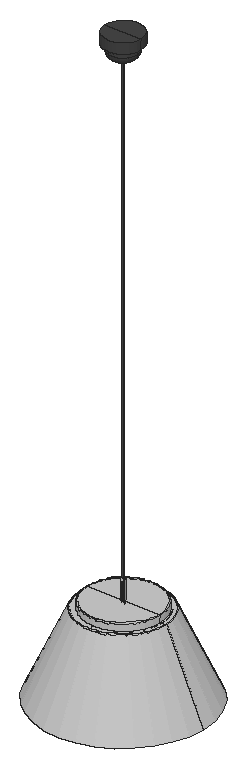
Revit family "Sycamore 12,16,20,24 MB", category Lighting Fixtures, Revit 2020
Family settings
  Round Connector Dimension = Use Diameter
  Part Type = Normal
  OmniClass Number = 23.80.70.00
  OmniClass Title = Lighting
  Work Plane-Based = No
  Always vertical = Yes
  Cut with Voids When Loaded = No
  Light Source = Yes
  Shared = No
  Room Calculation Point = No
Parameters (values of type "MDS24")
  Weight = "5.0 lbs"
  Wattage Comments = "60W Max"
  Wattage = 2.4 W
  Warranty = "5 year limited warranty"  # constant formula
  built-in parameter 1150110 = 1 (stored number, unit not read)
  Voltage = 277 V
  URL = "https://www.anplighting.com/assets/Uploads/product-attachments/specification-sheets/ANP-Specification-Sheet-MB-MDS24.pdf"
  built-in parameter 1114217 = 1 (stored number, unit not read)
  Tilt Angle = 90.00°
  built-in parameter 1150109 = 1 (stored number, unit not read)
  built-in parameter 1150134 = (empty or 0)
  built-in parameter 1150113 = 1 (stored number, unit not read)
  Mounting Option [instance] = 1
  Power Factor = 1
  Post Mount [instance] = Mounting Option = 5  # no
  Placement X axis side [instance] = if(Post Mount, 2' 2 15/32", if(Cord or Stem Mount, 0' 0", if(E36 20 inch, 1' 8 1/4", if(E 6 26 inch, 2' 2", if(E7 41 inch, 3' 5 1/4", 0' 1")))))  # 0' - 0"
  Photometric Web File = "MDS20M016LD35K.IES"
  Model = "MDS24"
  Manufacturer = "ANP Lighting"  # constant formula
  MDS24 = yes
  MDS20 = no
  MDS16 = no
  MDS12 = no
  built-in parameter 1150105 = 3000 (stored number, unit not read)
  Lumens = 3000 lm
  built-in parameter 1150115 = 1 (stored number, unit not read)
  Load Classification = Lighting
  Light Source Height [instance] = 1' - 2"
  built-in parameter 1150137 = (empty or 0)
  built-in parameter 1150139 = (empty or 0)
  Light Elevation _2 [instance] = if(Post Mount, 0' 0.66142", if(E7 41 inch, 0' 0.66142", if(E36 20 inch, 0' 1.65748", if(E 6 26 inch, 0' 1.53543", if(Cord or Stem Mount, (0' 4.3622" + Cord Length), 0' 0")))))  # 6' - 4.3622"
  Light Elevation _1 [instance] = if(Post Mount, 0' 0", if(E7 41 inch, 0' 0", if(E36 20 inch, 0' 1", if(E 6 26 inch, 0' 0.87402", if(Cord or Stem Mount, (0' 3.66142" + Cord Length), 0' 0")))))  # 6' - 3.66142"
  Light Elevation [instance] = if(Post Mount, 14' 0.5315", if(E7 41 inch, 0' 0", 0' 0"))  # 0' - 0"
  Life = "L70 50,000 hours"  # constant formula
  built-in parameter 1150112 = 1 (stored number, unit not read)
  built-in parameter 1150114 = 1 (stored number, unit not read)
  Lamp = "MB"
  built-in parameter 1150132 = 2
  built-in parameter 1150102 = (empty or 0)
  built-in parameter 1150107 = 3500 (stored number, unit not read)
  built-in parameter 1150138 = (empty or 0)
  built-in parameter 1150106 = 30 (stored number, unit not read)
  GLASS = Glass
  Fixture Height = 1' - 3"
  Fixture Finish = Fixture Finish
  Fixture Diameter = 1' - 8"
  Efficiency = "65-125 lumens per watt"  # constant formula
  built-in parameter 1150104 = 116.13 (stored number, unit not read)
  E7 41 inch [instance] = Mounting Option = 4  # no
  E36 20 inch [instance] = Mounting Option = 3  # no
  E 6 26 inch [instance] = Mounting Option = 2  # no
  Dimming Lamp Color Temperature Shift = <None>
  Dimming = "1%"  # constant formula
  Description = "120-277 Voltage"  # constant formula
  Default Elevation = 0' - 0"
  Cord or Stem Mount [instance] = Mounting Option = 1  # yes
  Cord Length option [instance] = 0
  Cord Length [instance] = if([2' Cord], 2' 0", if([4' Cord], 4' 0", if([8' Cord], 8' 0", if([10' Cord], 10' 0", if([6' Cord], 6' 0", 6' 0")))))  # 6' - 0"
  Construction Material = "Heavy Duty spun aluminum."  # constant formula
  Color Filter = 16777215
  CRI = ">90"  # constant formula
  Body Material = body
  Body Colour = "Spun aluminium"  # constant formula
  built-in parameter 1114218 = 1 (stored number, unit not read)
  built-in parameter 1150133 = 10 (stored number, unit not read)
  Apparent Load = 60 VA
  8' Cord [instance] = Cord Length option = 8  # no
  6' Cord [instance] = Cord Length option = 6  # no
  4' Cord [instance] = Cord Length option = 4  # no
  2' Cord [instance] = Cord Length option = 2  # no
  10' Cord [instance] = Cord Length option = 10  # no
Types (5): name | Weight | Wattage | URL | Photometric Web File | Model | MDS24 | MDS20 | MDS16 | MDS12 | built-in parameter 1150105 | Lumens | Light Source Height | built-in parameter 1150106 | Fixture Height | Fixture Diameter
  (no name) | "5.0 lbs" | 2.4 W | "https://www.anplighting.com/assets/Uploads/product-attachments/specification-sheets/ANP-Specification-Sheet-MB-MDS24.pdf" | "MDS20M016LD35K.IES" | "MDS24" | yes | no | no | no | 3000 (stored number, unit not read) | 3000 lm | 1' - 2" | 30 (stored number, unit not read) | 1' - 3" | 1' - 8"
  MDS12 | "3.5 lbs" | 1 W | "https://www.anplighting.com/assets/Uploads/product-attachments/specification-sheets/ANP-Specification-Sheet-MB-MDS12.pdf" | "MDS12M010LD35K.IES" | "MDS12" | no | no | no | yes | 1250 (stored number, unit not read) | 1250 lm | 0' - 6 3/4" | 12.5 (stored number, unit not read) | 0' - 7 1/2" | 1' - 0"
  MDS16 | "4.0 lbs" | 1.6 W | "https://www.anplighting.com/assets/Uploads/product-attachments/specification-sheets/ANP-Specification-Sheet-MB-MDS16.pdf" | "MDS12M010LD35K.IES" | "MDS16" | no | no | yes | no | 2000 (stored number, unit not read) | 2000 lm | 0' - 8 1/4" | 20 (stored number, unit not read) | 0' - 10" | 1' - 4"
  MDS20 | "4.5 lbs" | 1.6 W | "https://www.anplighting.com/assets/Uploads/product-attachments/specification-sheets/ANP-Specification-Sheet-MB-MDS20.pdf" | "MDS20M016LD35K.IES" | "MDS20" | no | yes | no | no | 2000 (stored number, unit not read) | 2000 lm | 0' - 11 1/4" | 20 (stored number, unit not read) | 1' - 0 1/2" | 1' - 8"
  MDS24 | "5.0 lbs" | 2.4 W | "https://www.anplighting.com/assets/Uploads/product-attachments/specification-sheets/ANP-Specification-Sheet-MB-MDS24.pdf" | "MDS20M016LD35K.IES" | "MDS24" | yes | no | no | no | 3000 (stored number, unit not read) | 3000 lm | 1' - 2" | 30 (stored number, unit not read) | 1' - 3" | 1' - 8"
Reference planes (in)
  plane 1 "Light Source Axis (F/B)": y = 0
  plane 2: z = 0
  plane 3 "Light Source Axis (L/R)": x = 0
  plane 4 "Light Source Elevation": z = 0
  plane 5: z = 0
  plane 6: x = 0
  plane 7 "Bulb Position": z = -76.3622
  plane 8 "Canopy Position": z = -75.66142
  plane 9 "IES": z = -90.3622
Dimensions and locks (in)
  "Light Elevation": plane 5 to plane 2
  "Placement X axis side": plane 6 to plane 3 "Light Source Axis (L/R)"
  "Light Elevation _2": plane 5 to plane 7 "Bulb Position"
  "Light Elevation _1": plane 5 to plane 8 "Canopy Position"
  "Light Source Height": plane 7 "Bulb Position" to plane 9 "IES"
  locked: plane 4 "Light Source Elevation" to plane 2
  aligned and locked: level to plane 2
  aligned and locked: plane 1 "Light Source Axis (F/B)" to nested 5
  aligned and locked: nested 5 to plane 2
  aligned and locked: nested 1 to plane 3 "Light Source Axis (L/R)"
  aligned and locked: plane 3 "Light Source Axis (L/R)" to nested 2
  aligned and locked: plane 3 "Light Source Axis (L/R)" to nested 4
  aligned and locked: nested 3 to plane 5
  aligned and locked: plane 3 "Light Source Axis (L/R)" to nested 3
  aligned and locked: plane 3 "Light Source Axis (L/R)" to nested 5
  aligned and locked: plane 1 "Light Source Axis (F/B)" to nested 2
  aligned and locked: plane 1 "Light Source Axis (F/B)" to nested 1
  aligned and locked: plane 1 "Light Source Axis (F/B)" to nested 4
  aligned and locked: plane 1 "Light Source Axis (F/B)" to nested 3
  aligned and locked: plane 2 to nested 1
  aligned and locked: plane 2 to nested 2
  aligned and locked: nested 4 to plane 2
  aligned and locked: imposter light to plane 9 "IES"
  aligned and locked: imposter light to plane 6
  aligned and locked: nested 6 to plane 8 "Canopy Position"
  aligned and locked: nested 7 to plane 8 "Canopy Position"
  aligned and locked: nested 8 to plane 8 "Canopy Position"
  aligned and locked: nested 9 to plane 8 "Canopy Position"
  aligned and locked: nested 6 to plane 6
  aligned and locked: nested 7 to plane 6
  aligned and locked: nested 8 to plane 6
  aligned and locked: nested 9 to plane 6
Nested families (in)
  nested 1: "CORD OR STEM MOUNT" at (0, 0, -75.67), visible <- "Cord or Stem Mount", Cord or Stem Mount <- "Cord or Stem Mount", Body Material <- "Body Material", Light Elevation <- "Light Elevation", Cord Length <- "Cord Length", 10' Cord <- "10' Cord", 2' Cord <- "2' Cord", 4' Cord <- "4' Cord", 6' Cord <- "6' Cord", 8' Cord <- "8' Cord", type "CORD OR STEM MOUNT"
    with Light Elevation 0' - 0", Cord or Stem Mount yes, Cord Length 6' - 0", Body Material body, 8' Cord no, 6' Cord no, 4' Cord no, 2' Cord no, 10' Cord no
  nested 2: "E6 26 INCH" at (0, 0, 0), visible <- "E 6 26 inch", Chain Length <- "Cord Length", E 6 26 inch <- "E 6 26 inch", Placement X axis side <- "Placement X axis side", Body Material <- "Body Material", Light Elevation <- "Light Elevation", type "E6 26 INCH"
    with Placement X axis side 0' - 0", Light Elevation 0' - 0", E 6 26 inch no, Chain Length 6' - 0", Body Material body
  nested 3: "E7 41 INCH" at (0, 0, 0), Chain Length <- "Cord Length", visible <- "E7 41 inch", E7 41 inch <- "E7 41 inch", Placement X axis side <- "Placement X axis side", Body Material <- "Body Material", Light Elevation <- "Light Elevation", type "E7 41 INCH"
    with Placement X axis side 0' - 0", Light Elevation 0' - 0", E7 41 inch no, Chain Length 6' - 0", Body Material body
  nested 4: "E36 20 INCH" at (0, 0, 0), visible <- "E36 20 inch", E36 20 inch <- "E36 20 inch", Placement X axis side <- "Placement X axis side", Chain Length <- "Cord Length", Body Material <- "Body Material", Light Elevation <- "Light Elevation", type "E36 20 INCH"
    with Placement X axis side 0' - 0", Light Elevation 0' - 0", E36 20 inch no, Chain Length 6' - 0", Body Material body
  nested 5: "POST MOUNT" at (0, 0, 0), visible <- "Post Mount", Post Mount <- "Post Mount", Placement X axis side <- "Placement X axis side", Chain Length <- "Cord Length", Body Material <- "Body Material", Light Elevation <- "Light Elevation", type "POST MOUNT"
    with Post Mount no, Placement X axis side 0' - 0", Light Elevation 0' - 0", Chain Length 6' - 0", Body Material body
  nested 6: "MDS12" at (0, 0, -75.66142), Light Elevation <- "Light Elevation", Body <- "Fixture Finish", MDS12 <- "MDS12", visible <- "MDS12", GLASS <- "GLASS", type "MDS12"
    with MDS12 no, Light Elevation 0' - 0", GLASS Glass, Body Fixture Finish
  nested 7: "MDS16" at (0, 0, -75.66142), Light Elevation <- "Light Elevation", Body <- "Fixture Finish", MDS16 <- "MDS16", visible <- "MDS16", GLASS <- "GLASS", type "MDS16"
    with MDS16 no, Light Elevation 0' - 0", GLASS Glass, Body Fixture Finish
  nested 8: "MDS20" at (0, 0, -75.66142), Light Elevation <- "Light Elevation", Body <- "Fixture Finish", MDS20 <- "MDS20", visible <- "MDS20", GLASS <- "GLASS", type "MDS20"
    with MDS20 no, Light Elevation 0' - 0", GLASS Glass, Body Fixture Finish
  nested 9: "MDS24" at (0, 0, -75.66142), Light Elevation <- "Light Elevation", Body <- "Fixture Finish", GLASS <- "GLASS", visible <- "MDS24", MDS24 <- "MDS24", type "MDS24"
    with MDS24 yes, Light Elevation 0' - 0", GLASS Glass, Body Fixture Finish
Definition of nested family "CORD OR STEM MOUNT"
  Parameters (values of type "CORD OR STEM MOUNT")
    URL = ""
    Model = ""
    Manufacturer = ""
    Light Elevation [instance] = 1' - 7.69"
    Default Elevation = 0' - 0"
    Cord or Stem Mount [instance] = yes
    Cord Length [instance] = 6' - 0"
    Body Material [instance] = none
    8' Cord [instance] = no
    6' Cord [instance] = no
    4' Cord [instance] = no
    2' Cord [instance] = no
    10' Cord [instance] = no
  Reference planes (in)
    plane 1 "Light Source Axis (F/B)": y = 0
    plane 2: z = 0
    plane 3 "Light Source Axis (L/R)": x = 0
    plane 4 "Light Source Elevation": z = 23.125
    plane 5: z = 91.69
    plane 6: z = 19.69
  Forms (in)
    Extrusion 1, void, not visible
      sketch origin (0, 0, 2.38154) x (1, 0, 0) y (0, 0, 1)
        loop
          circle (0, 4.59925) r 0.16583
      from 1.18594 to 1.75
    Extrusion 2, void, not visible
      sketch origin (0, 0, 2.38154) x (0.707107, -0.707107, 0) y (0, 0, 1)
        loop
          circle (0, 4.59925) r 0.16583
      from 1.18594 to 1.75
    Extrusion 3, void, not visible
      sketch origin (0, 0, 2.38154) x (0.707107, 0.707107, 0) y (0, 0, 1)
        loop
          circle (0, 4.59925) r 0.16583
      from 1.18594 to 1.75
    Extrusion 4, void, not visible
      sketch origin (0, 0, 2.38154) x (0, 1, 0) y (0, 0, 1)
        loop
          circle (0, 4.59925) r 0.16583
      from 1.18594 to 1.75
    Extrusion 5, void, not visible
      sketch origin (0, 0, 2.38154) x (-0.707107, 0.707107, 0) y (0, 0, 1)
        loop
          circle (0, 4.59925) r 0.16583
      from 1.18594 to 1.75
    Extrusion 6, void, not visible
      sketch origin (0, 0, 2.38154) x (-1, 0, 0) y (0, 0, 1)
        loop
          circle (0, 4.59925) r 0.20678
      from 1.18594 to 1.75
    Extrusion 7, void, not visible
      sketch origin (0, 0, 2.38154) x (-0.707107, -0.707107, 0) y (0, 0, 1)
        loop
          circle (0, 4.59925) r 0.16583
      from 1.18594 to 1.75
    Extrusion 8, void, not visible
      sketch origin (0, 0, 2.38154) x (0, -1, 0) y (0, 0, 1)
        loop
          circle (0, 4.59925) r 0.16583
      from 1.18594 to 1.75
    Revolve 9, solid, material <- "Body Material", visible <- "Cord or Stem Mount"
      sketch origin (0, 0, 174.56698) x (1, 0, 0) y (0, 0, 1)
        loop
          line (2.6875, -79.20698) -> (0, -79.20698) -> (0, -82.87698) -> (0.125, -82.87698) -> (0.125, -82.83698) -> (0.75, -82.83698)
          arc (0.75, -82.83698) -> (0.81694, -82.77004) -> (0.75, -82.7031) r 0.06694
          line (0.75, -82.7031) -> (0.89763, -82.7031) -> (1.00223, -82.5985) -> (1.06587, -82.5985)
          arc (1.06587, -82.5985) -> (1.80099, -82.29401) -> (2.10549, -81.55888) r 1.03962
          line (2.10549, -81.55888) -> (2.10549, -81.03899)
          arc (2.10549, -81.03899) -> (2.12951, -80.981) -> (2.1875, -80.95698) r 0.08201
          line (2.1875, -80.95698) -> (2.1875, -80.70698) -> (2.6875, -80.70698) -> (2.6875, -79.20698)
        axis (0, -79.20698) -> (0, -82.87698)
      angle from 0 to 360
    Revolve 10, solid, material <- "Body Material", visible <- "Cord or Stem Mount"
      sketch origin (0, 0, 0) x (1, 0, 0) y (0, 0, 1)
        loop
          line (0, 91.69) -> (-0.125, 91.69) -> (-0.125, 19.69) -> (0, 19.69) -> (0, 91.69)
        axis (0, 19.69) -> (0, 91.69)
      angle from 0 to 360
  Dimensions and locks (in)
    "Light Elevation": plane 6 to plane 2
    "Cord Length": plane 5 to plane 6
    locked: Revolve 10 sketch curve to Revolve 10 sketch curve at 0.125
    aligned and locked: level to plane 2
    aligned and locked: Revolve 10 sketch curve to plane 3 "Light Source Axis (L/R)"
    aligned and locked: Revolve 10 sketch curve to plane 6
    aligned and locked: Revolve 10 sketch curve to plane 5
    aligned and locked: plane 3 "Light Source Axis (L/R)" to Revolve 10 sketch curve
  Automatic sketch dimensions
    Revolve 9 sketch curve to plane 3 "Light Source Axis (L/R)" = 0' - 0"  (x2)
    Revolve 9 sketch curve to plane 5 = 0' - 0"
    plane 3 "Light Source Axis (L/R)" to Revolve 9 sketch curve = 0' - 0 1/8"
    Revolve 9 sketch curve to plane 5 = 0' - 0.17388"
    Revolve 9 sketch curve to Revolve 9 sketch curve = 0' - 0 5/8"
    Revolve 9 sketch curve to Revolve 9 sketch curve = 0' - 0.14763"
    Revolve 9 sketch curve to plane 5 = 0' - 0.27847"
    Revolve 9 sketch curve to Revolve 9 sketch curve = 0' - 0.1046"
    Revolve 9 sketch curve to Revolve 9 sketch curve = 0' - 0.06364"
    Revolve 9 sketch curve to Revolve 9 sketch curve = 0' - 1.03962"
    Revolve 9 sketch curve to Revolve 9 sketch curve = 0' - 0 21/256"
    Revolve 9 sketch curve to Revolve 9 sketch curve = 0' - 0 1/2"  (x2)
    Revolve 9 sketch curve to Revolve 9 sketch curve = 0' - 0.51989"
    Revolve 9 sketch curve to Revolve 9 sketch curve = 0' - 0 1/4"
    Revolve 9 sketch curve to Revolve 9 sketch curve = 0' - 2.3519"
    Revolve 9 sketch curve to Revolve 9 sketch curve = 0' - 1 1/4"
    Revolve 9 sketch curve to Revolve 9 sketch curve = 0' - 0.04"
    Revolve 10 sketch curve to Revolve 10 sketch curve = 0' - 0 1/2"
    Revolve 10 sketch curve to Revolve 10 sketch curve = 0' - 0.42345"
Definition of nested family "MDS24"
  Parameters (values of type "MDS24")
    MDS24 [instance] = yes
    Light Elevation [instance] = 0' - 0"
    GLASS [instance] = none
    Default Elevation = 0' - 0"
    Body [instance] = none
  Reference planes (in)
    plane 1 "Center (Front/Back)": y = 0
    plane 2: z = 0
    plane 3 "Center (Left/Right)": x = 0
    plane 4: z = 0
  Dimensions and locks (in)
    "Light Elevation": plane 4 to plane 2
    aligned and locked: plane 2 to level
    aligned and locked: plane 3 "Center (Left/Right)" to nested 1
    aligned and locked: plane 1 "Center (Front/Back)" to nested 1
    aligned and locked: nested 1 to plane 4
  Nested families (in)
    nested 1: "SYCAMORE-MDS24" at (0, 0, -15), Body <- "Body", GLASS <- "GLASS", MDS24 <- "MDS24", visible <- "MDS24", type "SYCAMORE-MDS24"
      with MDS24 yes, GLASS none, Body none
  Definition of nested family "SYCAMORE-MDS24"
    Parameters (values of type "SYCAMORE-MDS24")
      MDS24 [instance] = yes
      GLASS [instance] = none
      Default Elevation = 0' - 0"
      Body [instance] = none
    Reference planes (in)
      plane 1 "Center (Front/Back)": y = 0
      plane 2: z = 0
      plane 3 "Center (Left/Right)": x = 0
    Forms (in)
      Revolve 1, solid, material <- "GLASS", visible <- "MDS24"
        sketch origin (0, 0, 0) x (1, 0, 0) y (0, 0, 1)
          loop
            line (-8, 0) -> (-8, 0.08) -> (-8.375, 0.08)
            arc (-8.375, 0.08) -> (-8.40081, 0.08814) -> (-8.41729, 0.10961) r 0.045
            line (-8.41729, 0.10961) -> (-9.47926, 3.02736) -> (-9.55444, 3) -> (-8.49246, 0.08225)
            arc (-8.49246, 0.08225) -> (-8.4467, 0.02261) -> (-8.375, 0) r 0.125
            line (-8.375, 0) -> (-8, 0)
          axis (0, 0) -> (0, 3.02736)
        angle from 0 to 360
      Revolve 2, solid, material <- "Body", visible <- "MDS24"
        sketch origin (0, 0, 0) x (1, 0, 0) y (0, 0, 1)
          loop
            line (-12, 2) -> (-11.91173, 2) -> (-6.36546, 13.89402)
            arc (-6.36546, 13.89402) -> (-6.34885, 13.91295) -> (-6.32467, 13.92) r 0.045
            line (-6.32467, 13.92) -> (-5.75, 13.92) -> (-5.53, 13.92) -> (-5.53, 14) -> (-6.32467, 14)
            arc (-6.32467, 14) -> (-6.39184, 13.98042) -> (-6.43796, 13.92783) r 0.125
            line (-6.43796, 13.92783) -> (-12, 2)
          axis (0, 2) -> (0, 14)
        angle from 0 to 360
      Revolve 3, solid, material <- "Body", visible <- "MDS24"
        sketch origin (0, 0, 0) x (1, 0, 0) y (0, 0, 1)
          loop
            line (-0.25, 14.92) -> (-0.25, 15) -> (-5.39, 15)
            arc (-5.39, 15) -> (-5.46778, 14.96778) -> (-5.5, 14.89) r 0.11
            line (-5.5, 14.89) -> (-5.5, 13.92) -> (-5.75, 13.92) -> (-5.75, 13.84) -> (-5.5, 13.84)
            arc (-5.5, 13.84) -> (-5.44343, 13.86343) -> (-5.42, 13.92) r 0.08
            line (-5.42, 13.92) -> (-5.42, 14.89)
            arc (-5.42, 14.89) -> (-5.41121, 14.91121) -> (-5.39, 14.92) r 0.03
            line (-5.39, 14.92) -> (-0.25, 14.92)
          axis (0, 13.84) -> (0, 15)
        angle from 0 to 360
      Revolve 4, solid, material <- "Body", visible <- "MDS24"
        sketch origin (0, 0, 0) x (1, 0, 0) y (0, 0, 1)
          loop
            line (-0.25, 14.5) -> (-0.125, 14.5) -> (-0.125, 18) -> (-0.25, 18) -> (-0.25, 14.5)
          axis (0, 14.5) -> (0, 18)
        angle from 0 to 360
      Revolve 5, solid, material <- "GLASS", visible <- "MDS24"
        sketch origin (0, 0, 0) x (1, 0, 0) y (0, 0, 1)
          loop
            line (-8.25, 0.08) -> (0, 0.08) -> (0, 0.1425) -> (-8.25, 0.1425) -> (-8.25, 0.08)
          axis (0, 0.08) -> (0, 0.1425)
        angle from 0 to 360
    Dimensions and locks (in)
      aligned and locked: plane 2 to level
Definition of nested family "E6 26 INCH"
  Parameters (values of type "E6 26 INCH")
    URL = ""
    Placement X axis side [instance] = 2' - 2"
    Model = ""
    Manufacturer = ""
    Light Elevation [instance] = 8' - 4"
    E 6 26 inch [instance] = yes
    Default Elevation = 0' - 0"
    Chain Length [instance] = 0' - 0"
    Body Material [instance] = none
  Reference planes (in)
    plane 1 "Light Source Axis (F/B)": y = 0
    plane 2: z = 0
    plane 3 "Light Source Axis (L/R)": x = 0
    plane 4 "Light Source Elevation": z = 23.125
    plane 5: z = 100
    plane 6: x = -26
    plane 7: z = 99.125
    plane 8: x = -24.12
    plane 9: x = -25.5474
  Forms (in)
    Extrusion 1, void, not visible
      sketch origin (0, 0, 2.38154) x (1, 0, 0) y (0, 0, 1)
        loop
          circle (0, 4.59925) r 0.16583
      from 1.18594 to 1.75
    Extrusion 2, void, not visible
      sketch origin (0, 0, 2.38154) x (0.707107, -0.707107, 0) y (0, 0, 1)
        loop
          circle (0, 4.59925) r 0.16583
      from 1.18594 to 1.75
    Extrusion 3, void, not visible
      sketch origin (0, 0, 2.38154) x (0.707107, 0.707107, 0) y (0, 0, 1)
        loop
          circle (0, 4.59925) r 0.16583
      from 1.18594 to 1.75
    Extrusion 4, void, not visible
      sketch origin (0, 0, 2.38154) x (0, 1, 0) y (0, 0, 1)
        loop
          circle (0, 4.59925) r 0.16583
      from 1.18594 to 1.75
    Extrusion 5, void, not visible
      sketch origin (0, 0, 2.38154) x (-0.707107, 0.707107, 0) y (0, 0, 1)
        loop
          circle (0, 4.59925) r 0.16583
      from 1.18594 to 1.75
    Extrusion 6, void, not visible
      sketch origin (0, 0, 2.38154) x (-1, 0, 0) y (0, 0, 1)
        loop
          circle (0, 4.59925) r 0.20678
      from 1.18594 to 1.75
    Extrusion 7, void, not visible
      sketch origin (0, 0, 2.38154) x (-0.707107, -0.707107, 0) y (0, 0, 1)
        loop
          circle (0, 4.59925) r 0.16583
      from 1.18594 to 1.75
    Extrusion 8, void, not visible
      sketch origin (0, 0, 2.38154) x (0, -1, 0) y (0, 0, 1)
        loop
          circle (0, 4.59925) r 0.16583
      from 1.18594 to 1.75
    Sweep 9, solid, material <- "Body Material", visible <- "E 6 26 inch"
      path origin (-41.25, 0, 168.51693) x (1, 0, 0) y (0, 0, 1)
        loop
          line (17.13, -68.51693) -> (27.68551, -68.51693)
          arc (27.68551, -68.51693) -> (28.47996, -68.34486) -> (29.13202, -67.8595) r 1.92004
          line (29.13202, -67.8595) -> (34.23651, -62.01155)
          arc (34.23651, -62.01155) -> (38.65464, -60.89667) -> (41.25, -64.64193) r 4
          line (41.25, -64.64193) -> (41.25, -69.39193)
      profile origin (-18.84224, 0, 100) x (0, 0, 1) y (0, -1, 0)
        loop
          circle (0, 0) r 0.5
    Revolve 10, solid, material <- "Body Material", visible <- "E 6 26 inch"
      sketch origin (-26, 0, 168.51693) x (1, 0, 0) y (0, 0, 1)
        loop
          line (0, -66.07943) -> (0, -68.51693) -> (1.88, -68.51693) -> (1.88, -67.69272) -> (0.4526, -67.69272) -> (0.4526, -66.54122) -> (0.33125, -66.54122) -> (0.33125, -66.07943) -> (0, -66.07943)
        axis (0, -68.51693) -> (1.88, -68.51693)
      angle from 0 to 360
    Extrusion 11, solid, material <- "Body Material", visible <- "E 6 26 inch"
      sketch origin (-26, 0, 168.51693) x (0, -1, 0) y (0, 0, -1)
        loop
          line (0.25, 68.51693) -> (0.25, 69.51693) -> (-0.25, 69.51693) -> (-0.25, 68.51693) -> (0.25, 68.51693)
      from 0.4526 to 1.88
  Cuts and joins
    joined: Revolve 10, Extrusion 11
  Dimensions and locks (in)
    "Light Elevation": plane 5 to plane 2
    "Placement X axis side": plane 3 "Light Source Axis (L/R)" to plane 6
    locked: plane 5 to plane 7 at 0.875
    Revolve 10 sketch curve to Revolve 10 sketch curve to Revolve 10 sketch curve to plane 6 = 0' - 1.4274" locked, 0' - 0.12135" locked, 0' - 0.33125" locked
    Revolve 10 sketch curve to Revolve 10 sketch curve to Revolve 10 sketch curve to plane 5 = 0' - 0.46179" locked, 0' - 1.1515" locked, 0' - 0 211/256" locked
    locked: Sweep 9 sketch curve to plane 6 at 1.88
    locked: Sweep 9 sketch curve to Sweep 9 sketch curve at 10.55551
    locked: Sweep 9 sketch curve to Sweep 9 sketch curve at 13.56449
    locked: Sweep 9 sketch curve to Sweep 9 sketch curve at 4.75
    locked: plane 9 to plane 6 at 0.4526
    locked: plane 8 to plane 9 at 1.4274
    aligned and locked: level to plane 2
    aligned and locked: Revolve 10 sketch curve to plane 6
    aligned and locked: plane 5 to Revolve 10 sketch curve
    aligned and locked: Revolve 10 sketch curve to plane 5
    aligned and locked: cut or joined group of Revolve 10, Extrusion 11 to plane 9
    aligned and locked: plane 8 to cut or joined group of Revolve 10, Extrusion 11
  Automatic sketch dimensions
    Sweep 9 sketch curve to plane 5 = 0' - 0"
    Sweep 9 sketch curve to Sweep 9 sketch curve = 0' - 4"
    Sweep 9 sketch curve to Sweep 9 sketch curve = 0' - 3.01349"
    plane 5 to Sweep 9 sketch curve = 0' - 0.65743"
    Sweep 9 sketch curve to Sweep 9 sketch curve = 0' - 1.4465"
    Sweep 9 sketch curve to plane 5 = 0' - 0 7/8"
    profile plane to Sweep 9 sketch curve = 0' - 0"
    Sweep 9 sketch curve to profile plane = 0' - 0"
    plane 6 to Revolve 10 sketch curve = 0' - 0.62562"
    Revolve 10 sketch curve to Revolve 10 sketch curve = 0' - 0 1/2"
    Extrusion 11 sketch curve to plane 5 = 0' - 0"
    plane 1 "Light Source Axis (F/B)" to Extrusion 11 sketch curve = 0' - 0 1/4"
    Extrusion 11 sketch curve to plane 1 "Light Source Axis (F/B)" = 0' - 0 1/4"
    plane 5 to Extrusion 11 sketch curve = 0' - 1"
    radius of Sweep 9 sketch curve = 0' - 0 1/2"
Definition of nested family "E7 41 INCH"
  Parameters (values of type "E7 41 INCH")
    URL = ""
    Placement X axis side [instance] = 4' - 2"
    Model = ""
    Manufacturer = ""
    Light Elevation [instance] = 8' - 4"
    E7 41 inch [instance] = yes
    Default Elevation = 0' - 0"
    Chain Length [instance] = 0' - 0"
    Body Material [instance] = none
  Reference planes (in)
    plane 1 "Light Source Axis (F/B)": y = 0
    plane 2: z = 0
    plane 3 "Light Source Axis (L/R)": x = 0
    plane 4 "Light Source Elevation": z = 23.125
    plane 5: z = 100
    plane 6: x = -50
  Forms (in)
    Extrusion 1, void, not visible
      sketch origin (0, 0, 2.38154) x (1, 0, 0) y (0, 0, 1)
        loop
          circle (0, 4.59925) r 0.16583
      from 1.18594 to 1.75
    Extrusion 2, void, not visible
      sketch origin (0, 0, 2.38154) x (0.707107, -0.707107, 0) y (0, 0, 1)
        loop
          circle (0, 4.59925) r 0.16583
      from 1.18594 to 1.75
    Extrusion 3, void, not visible
      sketch origin (0, 0, 2.38154) x (0.707107, 0.707107, 0) y (0, 0, 1)
        loop
          circle (0, 4.59925) r 0.16583
      from 1.18594 to 1.75
    Extrusion 4, void, not visible
      sketch origin (0, 0, 2.38154) x (0, 1, 0) y (0, 0, 1)
        loop
          circle (0, 4.59925) r 0.16583
      from 1.18594 to 1.75
    Extrusion 5, void, not visible
      sketch origin (0, 0, 2.38154) x (-0.707107, 0.707107, 0) y (0, 0, 1)
        loop
          circle (0, 4.59925) r 0.16583
      from 1.18594 to 1.75
    Extrusion 6, void, not visible
      sketch origin (0, 0, 2.38154) x (-1, 0, 0) y (0, 0, 1)
        loop
          circle (0, 4.59925) r 0.20678
      from 1.18594 to 1.75
    Extrusion 7, void, not visible
      sketch origin (0, 0, 2.38154) x (-0.707107, -0.707107, 0) y (0, 0, 1)
        loop
          circle (0, 4.59925) r 0.16583
      from 1.18594 to 1.75
    Extrusion 8, void, not visible
      sketch origin (0, 0, 2.38154) x (0, -1, 0) y (0, 0, 1)
        loop
          circle (0, 4.59925) r 0.16583
      from 1.18594 to 1.75
    Revolve 9, solid, material <- "Body Material", visible <- "E7 41 inch"
      sketch origin (-41.25, 0, 168.39193) x (1, 0, 0) y (0, 0, 1)
        loop
          line (-8.75, -66.20443) -> (-8.75, -68.51693) -> (-6.87, -68.51693) -> (-6.87, -67.69272) -> (-8.2974, -67.69272) -> (-8.2974, -66.54122) -> (-8.41875, -66.54122) -> (-8.41875, -66.20443) -> (-8.75, -66.20443)
        axis (-8.75, -68.51693) -> (-6.87, -68.51693)
      angle from 0 to 360
    Extrusion 10, solid, material <- "Body Material", visible <- "E7 41 inch"
      sketch origin (-41.25, 0, 168.39193) x (0, -1, 0) y (0, 0, -1)
        loop
          line (0.25, 68.51693) -> (0.25, 69.51693) -> (-0.25, 69.51693) -> (-0.25, 68.51693) -> (0.25, 68.51693)
      from -8.2974 to -6.87
    Sweep 11, solid, material <- "Body Material", visible <- "E7 41 inch"
      path origin (-41.25, 0, 168.39193) x (1, 0, 0) y (0, 0, 1)
        loop
          line (-6.87, -68.51693) -> (16.04011, -68.51693)
          arc (16.04011, -68.51693) -> (17.864, -68.13651) -> (19.38375, -67.0587) r 4.5625
          line (19.38375, -67.0587) -> (24.70217, -61.33018)
          arc (24.70217, -61.33018) -> (29.64465, -60.20324) -> (32.5, -64.39193) r 4.5
          line (32.5, -64.39193) -> (32.5, -68.39193)
      profile origin (-36.66494, 0, 99.875) x (0, 0, 1) y (0, -1, 0)
        loop
          circle (0, 0) r 0.5
  Dimensions and locks (in)
    "Placement X axis side": plane 3 "Light Source Axis (L/R)" to plane 6
    "Light Elevation": plane 5 to plane 2
    locked: Revolve 9 sketch curve to Revolve 9 sketch curve at 0.33125
    locked: Revolve 9 sketch curve to Revolve 9 sketch curve at 0.4526
    locked: Revolve 9 sketch curve to Revolve 9 sketch curve at 1.88
    locked: Revolve 9 sketch curve to Revolve 9 sketch curve at 0.82421
    locked: Revolve 9 sketch curve to Revolve 9 sketch curve at 1.1515
    locked: Revolve 9 sketch curve to Revolve 9 sketch curve at 0.33679
    locked: plane 5 to Revolve 9 sketch curve at 0.125
    locked: Extrusion 10 sketch curve to Extrusion 10 sketch curve at 0.5
    locked: Extrusion 10 sketch curve to Extrusion 10 sketch curve at 1
    locked: plane 5 to Extrusion 10 sketch curve at 0.125
    locked: plane 5 to Sweep 11 sketch curve at 0.125
    locked: Sweep 11 sketch curve to Sweep 11 sketch curve at 39.37
    locked: Sweep 11 sketch curve to Sweep 11 sketch curve at 4
    locked: plane 6 to Extrusion 10 at 0.4526
    locked: Sweep 11 sketch curve to plane 6 at 1.88
    locked: Extrusion 10 to Extrusion 10 at 1.4274
    aligned and locked: plane 2 to level
    aligned and locked: Revolve 9 sketch curve to plane 6
  Automatic sketch dimensions
    Revolve 9 sketch curve to plane 5 = 0' - 0 1/8"
    plane 6 to Revolve 9 sketch curve = 0' - 0.62562"
    Revolve 9 sketch curve to Revolve 9 sketch curve = 0' - 0 1/2"
    plane 1 "Light Source Axis (F/B)" to Extrusion 10 sketch curve = 0' - 0 1/4"
    Sweep 11 sketch curve to plane 5 = 0' - 0"
    Sweep 11 sketch curve to Sweep 11 sketch curve = 0' - 4 1/2"
    Sweep 11 sketch curve to Sweep 11 sketch curve = 0' - 3.29783"
    plane 5 to Sweep 11 sketch curve = 0' - 1.33323"
    Sweep 11 sketch curve to Sweep 11 sketch curve = 0' - 5.31842"
    Sweep 11 sketch curve to Sweep 11 sketch curve = 0' - 3.34364"
    profile plane to Sweep 11 sketch curve = 0' - 0"
    Sweep 11 sketch curve to profile plane = 0' - 0"
    radius of Sweep 11 sketch curve = 0' - 0 1/2"
Definition of nested family "E36 20 INCH"
  Parameters (values of type "E36 20 INCH")
    URL = ""
    Placement X axis side [instance] = 1' - 8 1/4"
    Model = ""
    Manufacturer = ""
    Light Elevation [instance] = 8' - 4"
    E36 20 inch [instance] = yes
    Default Elevation = 0' - 0"
    Chain Length [instance] = 0' - 0"
    Body Material [instance] = none
  Reference planes (in)
    plane 1 "Light Source Axis (F/B)": y = 0
    plane 2: z = 0
    plane 3 "Light Source Axis (L/R)": x = 0
    plane 4 "Light Source Elevation": z = 23.125
    plane 5: z = 99
    plane 6: x = -20.25
    plane 7: z = 100
    plane 8: x = -18.37008
    plane 9: x = -19.79724
  Forms (in)
    Extrusion 1, void, not visible
      sketch origin (0, 0, 2.38154) x (1, 0, 0) y (0, 0, 1)
        loop
          circle (0, 4.59925) r 0.16583
      from 1.18594 to 1.75
    Extrusion 2, void, not visible
      sketch origin (0, 0, 2.38154) x (0.707107, -0.707107, 0) y (0, 0, 1)
        loop
          circle (0, 4.59925) r 0.16583
      from 1.18594 to 1.75
    Extrusion 3, void, not visible
      sketch origin (0, 0, 2.38154) x (0.707107, 0.707107, 0) y (0, 0, 1)
        loop
          circle (0, 4.59925) r 0.16583
      from 1.18594 to 1.75
    Extrusion 4, void, not visible
      sketch origin (0, 0, 2.38154) x (0, 1, 0) y (0, 0, 1)
        loop
          circle (0, 4.59925) r 0.16583
      from 1.18594 to 1.75
    Extrusion 5, void, not visible
      sketch origin (0, 0, 2.38154) x (-0.707107, 0.707107, 0) y (0, 0, 1)
        loop
          circle (0, 4.59925) r 0.16583
      from 1.18594 to 1.75
    Extrusion 6, void, not visible
      sketch origin (0, 0, 2.38154) x (-1, 0, 0) y (0, 0, 1)
        loop
          circle (0, 4.59925) r 0.20678
      from 1.18594 to 1.75
    Extrusion 7, void, not visible
      sketch origin (0, 0, 2.38154) x (-0.707107, -0.707107, 0) y (0, 0, 1)
        loop
          circle (0, 4.59925) r 0.16583
      from 1.18594 to 1.75
    Extrusion 8, void, not visible
      sketch origin (0, 0, 2.38154) x (0, -1, 0) y (0, 0, 1)
        loop
          circle (0, 4.59925) r 0.16583
      from 1.18594 to 1.75
    Sweep 9, solid, material <- "Body Material", visible <- "E36 20 inch"
      path origin (-41.25, 0, 169.51693) x (1, 0, 0) y (0, 0, 1)
        loop
          line (22.88, -69.51693) -> (28.93827, -69.51693)
          arc (28.93827, -69.51693) -> (29.97705, -69.28152) -> (30.81284, -68.62128) r 2.40953
          line (30.81284, -68.62128) -> (34.13807, -64.50378)
          arc (34.13807, -64.50378) -> (38.58272, -63.24548) -> (41.25, -67.01693) r 4
          line (41.25, -67.01693) -> (41.25, -70.51693)
      profile origin (-15.34086, 0, 100) x (0, 0, 1) y (0, -1, 0)
        loop
          circle (0, 0) r 0.5
    Revolve 10, solid, material <- "Body Material", visible <- "E36 20 inch"
      sketch origin (-20.25, 0, 169.51693) x (1, 0, 0) y (0, 0, 1)
        loop
          line (0, -67.20443) -> (0, -69.51693) -> (1.88, -69.51693) -> (1.88, -68.69272) -> (0.4526, -68.69272) -> (0.4526, -67.54122) -> (0.33125, -67.54122) -> (0.33125, -67.20443) -> (0, -67.20443)
        axis (0, -69.51693) -> (1.88, -69.51693)
      angle from 0 to 360
    Extrusion 11, solid, material <- "Body Material", visible <- "E36 20 inch"
      sketch origin (-20.25, 0, 169.51693) x (0, -1, 0) y (0, 0, -1)
        loop
          line (0.25, 69.51693) -> (0.25, 70.51693) -> (-0.25, 70.51693) -> (-0.25, 69.51693) -> (0.25, 69.51693)
      from 1.87992 to 0.45276
  Cuts and joins
    joined: Revolve 10, Extrusion 11
  Dimensions and locks (in)
    "Light Elevation": plane 7 to plane 2
    "Placement X axis side": plane 3 "Light Source Axis (L/R)" to plane 6
    locked: plane 7 to plane 5 at 1
    Revolve 10 sketch curve to Revolve 10 sketch curve to Revolve 10 sketch curve to plane 7 = 0' - 0.33679" locked, 0' - 1.1515" locked, 0' - 0 211/256" locked
    locked: Sweep 9 sketch curve to plane 6 at 1.88
    locked: Sweep 9 sketch curve to Sweep 9 sketch curve at 6.05827
    locked: Sweep 9 sketch curve to Sweep 9 sketch curve at 12.31173
    locked: Sweep 9 sketch curve to Sweep 9 sketch curve at 3.5
    Revolve 10 sketch curve to Revolve 10 sketch curve to Revolve 10 sketch curve to plane 6 = 0' - 1.4274" locked, 0' - 0.12135" locked, 0' - 0.33125" locked
    locked: plane 9 to plane 6 at 0.45276
    locked: plane 8 to plane 9 at 1.42717
    aligned and locked: level to plane 2
    aligned and locked: plane 7 to Revolve 10 sketch curve
    aligned and locked: Revolve 10 sketch curve to plane 7
    aligned and locked: Revolve 10 sketch curve to plane 6
    aligned and locked: cut or joined group of Revolve 10, Extrusion 11 to plane 9
    aligned and locked: plane 8 to cut or joined group of Revolve 10, Extrusion 11
  Automatic sketch dimensions
    Sweep 9 sketch curve to plane 7 = 0' - 0"
    Sweep 9 sketch curve to plane 5 = 0' - 0"
    Sweep 9 sketch curve to Sweep 9 sketch curve = 0' - 4"
    Sweep 9 sketch curve to plane 7 = 0' - 0.89565"
    Sweep 9 sketch curve to Sweep 9 sketch curve = 0' - 3.32523"
    Sweep 9 sketch curve to Sweep 9 sketch curve = 0' - 1.87457"
    profile plane to Sweep 9 sketch curve = 0' - 0"
    Sweep 9 sketch curve to profile plane = 0' - 0"
    plane 6 to Revolve 10 sketch curve = 0' - 0.62562"
    Revolve 10 sketch curve to Revolve 10 sketch curve = 0' - 0 1/2"
    plane 7 to Extrusion 11 sketch curve = 0' - 0"
    Extrusion 11 sketch curve to plane 5 = 0' - 0"
    plane 1 "Light Source Axis (F/B)" to Extrusion 11 sketch curve = 0' - 0 1/4"
    Extrusion 11 sketch curve to plane 1 "Light Source Axis (F/B)" = 0' - 0 1/4"
    radius of Sweep 9 sketch curve = 0' - 0 1/2"
Definition of nested family "POST MOUNT"
  Parameters (values of type "POST MOUNT")
    URL = ""
    Post Mount [instance] = yes
    Placement X axis side [instance] = 2' - 2 1/2"
    Model = ""
    Manufacturer = ""
    Light Elevation [instance] = 14' - 0.5168"
    Default Elevation = 0' - 0"
    Chain Length [instance] = 0' - 0"
    Body Material [instance] = none
  Reference planes (in)
    plane 1 "Light Source Axis (F/B)": y = 0
    plane 2: z = 0
    plane 3 "Light Source Axis (L/R)": x = 0
    plane 4 "Light Source Elevation": z = 23.125
    plane 5: x = -26.5
    plane 6: z = 168.5168
  Forms (in)
    Extrusion 1, void, not visible
      sketch origin (0, 0, 2.38154) x (1, 0, 0) y (0, 0, 1)
        loop
          circle (0, 4.59925) r 0.16583
      from 1.18594 to 1.75
    Extrusion 2, void, not visible
      sketch origin (0, 0, 2.38154) x (0.707107, -0.707107, 0) y (0, 0, 1)
        loop
          circle (0, 4.59925) r 0.16583
      from 1.18594 to 1.75
    Extrusion 3, void, not visible
      sketch origin (0, 0, 2.38154) x (0.707107, 0.707107, 0) y (0, 0, 1)
        loop
          circle (0, 4.59925) r 0.16583
      from 1.18594 to 1.75
    Extrusion 4, void, not visible
      sketch origin (0, 0, 2.38154) x (0, 1, 0) y (0, 0, 1)
        loop
          circle (0, 4.59925) r 0.16583
      from 1.18594 to 1.75
    Extrusion 5, void, not visible
      sketch origin (0, 0, 2.38154) x (-0.707107, 0.707107, 0) y (0, 0, 1)
        loop
          circle (0, 4.59925) r 0.16583
      from 1.18594 to 1.75
    Extrusion 6, void, not visible
      sketch origin (0, 0, 2.38154) x (-1, 0, 0) y (0, 0, 1)
        loop
          circle (0, 4.59925) r 0.20678
      from 1.18594 to 1.75
    Extrusion 7, void, not visible
      sketch origin (0, 0, 2.38154) x (-0.707107, -0.707107, 0) y (0, 0, 1)
        loop
          circle (0, 4.59925) r 0.16583
      from 1.18594 to 1.75
    Extrusion 8, void, not visible
      sketch origin (0, 0, 2.38154) x (0, -1, 0) y (0, 0, 1)
        loop
          circle (0, 4.59925) r 0.16583
      from 1.18594 to 1.75
    Revolve 9, solid, material <- "Body Material", visible <- "Post Mount"
      sketch origin (-7.90508, 0, 0) x (1, 0, 0) y (0, 0, 1)
        loop
          line (-18.59492, 3.92912) -> (-16.29831, 3.92912) -> (-16.29831, 4.2668) -> (-16.91413, 4.2668) -> (-16.91413, 134.5168) -> (-17.16413, 134.5168) -> (-17.16413, 137.3918) -> (-17.05979, 137.3918)
          arc (-17.05979, 137.3918) -> (-16.93479, 137.5168) -> (-17.05979, 137.6418) r 0.125
          line (-17.05979, 137.6418) -> (-17.48032, 137.6418) -> (-17.48032, 139.0793) -> (-17.73032, 139.0793) -> (-17.73032, 139.5793) -> (-18.59492, 139.5793) -> (-18.59492, 3.92912)
        axis (-18.59492, 139.5793) -> (-18.59492, 3.92912)
      angle from 0 to 360
    Extrusion 10, solid, material <- "Body Material", visible <- "Post Mount"
      sketch origin (0, 0, 0) x (1, 0, 0) y (0, 1, 0)
        loop
          line (-20.5, 5.93079) -> (-32.5, 5.93079) -> (-32.5, -6.06921) -> (-20.5, -6.06921) -> (-20.5, 5.93079)
      from 0 to 3.92912
    Sweep 11, solid, material <- "Body Material", visible <- "Post Mount"
      path origin (0, 0, 48.5) x (1, 0, 0) y (0, 0, 1)
        loop
          line (0, 120.0168) -> (0, 128.0168)
          arc (0, 128.0168) -> (-13.25, 141.2668) -> (-26.5, 128.0168) r 13.25
          line (-26.5, 128.0168) -> (-26.5, 91.0793)
      profile origin (0, 0, 172.5168) x (-1, 0, 0) y (0, -1, 0)
        loop
          circle (0, 0) r 0.5
    Revolve 12, solid, material <- "Body Material", visible <- "Post Mount"
      sketch origin (0, 0, 0) x (1, 0, 0) y (0, 0, 1)
        loop
          line (0, 168.5168) -> (0.75, 168.5168) -> (0.75, 170.7668) -> (0, 170.7668) -> (0, 168.5168)
        axis (0, 170.7668) -> (0, 168.5168)
      angle from 0 to 360
  Cuts and joins
    joined: Revolve 9, Extrusion 10, Sweep 11, Revolve 12
  Dimensions and locks (in)
    "Placement X axis side": plane 3 "Light Source Axis (L/R)" to plane 5
    "Light Elevation": plane 6 to plane 2
    locked: Revolve 12 sketch curve to plane 5 at 26.5  (x2)
    locked: Revolve 9 sketch curve to plane 2 at 3.92912
    locked: Revolve 9 sketch curve to plane 5 at 2.29661
    locked: Revolve 9 sketch curve to plane 5 at 1.68079
    locked: Revolve 9 sketch curve to plane 5 at 1.43079
    locked: Revolve 9 sketch curve to plane 5 at 1.11461
    locked: Revolve 9 sketch curve to plane 5 at 0.86461
    locked: Revolve 9 sketch curve to Revolve 9 sketch curve at 130.58768
    locked: Revolve 9 sketch curve to Revolve 9 sketch curve at 2.875
    locked: Revolve 9 sketch curve to Revolve 9 sketch curve at 0.25
    locked: Revolve 9 sketch curve to Revolve 9 sketch curve at 1.4375
    locked: Revolve 9 sketch curve to Revolve 9 sketch curve at 0.5
    locked: Sweep 11 sketch curve to Sweep 11 sketch curve at 26.5
    locked: Revolve 12 sketch curve to Revolve 12 sketch curve at 0.75
    locked: cut or joined group of Revolve 9, Extrusion 10, Sweep 11, Revolve 12 to plane 2 at 139.5793
    aligned and locked: level to plane 2
    aligned and locked: plane 5 to Sweep 11 sketch curve
    aligned and locked: Revolve 9 sketch curve to plane 5
  Automatic sketch dimensions
    Revolve 9 sketch curve to plane 5 = 0' - 0"
    Revolve 9 sketch curve to Revolve 9 sketch curve = 0' - 0.10434"
    Revolve 9 sketch curve to Revolve 9 sketch curve = 0' - 0.33768"
    Revolve 9 sketch curve to Revolve 9 sketch curve = 0' - 0 1/4"
    Revolve 9 sketch curve to Revolve 9 sketch curve = 0' - 0 7/16"
    Extrusion 10 sketch curve to plane 5 = 0' - 6"
    plane 5 to Extrusion 10 sketch curve = 0' - 6"
    plane 1 "Light Source Axis (F/B)" to Extrusion 10 sketch curve = 0' - 6.06921"
    Extrusion 10 sketch curve to plane 1 "Light Source Axis (F/B)" = 0' - 5.93079"
    Sweep 11 sketch curve to profile plane = 0' - 0"
    profile plane to Sweep 11 sketch curve = 0' - 0"
    Sweep 11 sketch curve to plane 6 = 0' - 0"
    Sweep 11 sketch curve to plane 6 = 0' - 8"
    plane 6 to Sweep 11 sketch curve = 2' - 4 15/16"
    Revolve 12 sketch curve to plane 6 = 0' - 0"
    Revolve 12 sketch curve to plane 6 = 0' - 2 1/4"
    Revolve 12 sketch curve to Revolve 12 sketch curve = 0' - 0 1/2"
    Revolve 12 sketch curve to Revolve 12 sketch curve = 0' - 0"
    radius of Sweep 11 sketch curve = 0' - 0 1/2"
Definition of nested family "MDS12"
  Parameters (values of type "MDS12")
    MDS12 [instance] = yes
    Light Elevation [instance] = 0' - 0"
    GLASS [instance] = none
    Default Elevation = 0' - 0"
    Body [instance] = none
  Reference planes (in)
    plane 1 "Center (Front/Back)": y = 0
    plane 2: z = 0
    plane 3 "Center (Left/Right)": x = 0
    plane 4: z = 0
  Dimensions and locks (in)
    "Light Elevation": plane 4 to plane 2
    aligned and locked: plane 2 to level
    aligned and locked: plane 3 "Center (Left/Right)" to nested 1
    aligned and locked: plane 1 "Center (Front/Back)" to nested 1
    aligned and locked: nested 1 to plane 4
  Nested families (in)
    nested 1: "SYCAMORE-MDS12" at (0, 0, -7.5), GLASS <- "GLASS", Body <- "Body", visible <- "MDS12", MDS12 <- "MDS12", type "SYCAMORE-MDS12"
      with MDS12 yes, GLASS none, Body none
  Definition of nested family "SYCAMORE-MDS12"
    Parameters (values of type "SYCAMORE-MDS12")
      MDS12 [instance] = yes
      GLASS [instance] = none
      Default Elevation = 0' - 0"
      Body [instance] = none
    Reference planes (in)
      plane 1 "Center (Front/Back)": y = 0
      plane 2: z = 0
      plane 3 "Center (Left/Right)": x = 0
    Forms (in)
      Revolve 1, solid, material <- "Body", visible <- "MDS12"
        sketch origin (0, 0, 0) x (1, 0, 0) y (0, 0, 1)
          loop
            line (-0.25, 7) -> (-0.125, 7) -> (-0.125, 10.5) -> (-0.25, 10.5) -> (-0.25, 7)
          axis (0, 7) -> (0, 10.5)
        angle from 0 to 360
      Revolve 2, solid, material <- "Body", visible <- "MDS12"
        sketch origin (0, 0, 0) x (1, 0, 0) y (0, 0, 1)
          loop
            arc (-2.39, 7.5) -> (-2.46778, 7.46778) -> (-2.5, 7.39) r 0.11
            line (-2.5, 7.39) -> (-2.5, 6.92) -> (-2.75, 6.92) -> (-2.75, 6.84) -> (-2.42, 6.84) -> (-2.42, 7.39)
            arc (-2.42, 7.39) -> (-2.41121, 7.41121) -> (-2.39, 7.42) r 0.03
            line (-2.39, 7.42) -> (-0.25, 7.42) -> (-0.25, 7.5) -> (-2.39, 7.5)
          axis (0, 6.84) -> (0, 7.5)
        angle from 0 to 360
      Revolve 3, solid, material <- "Body", visible <- "MDS12"
        sketch origin (0, 0, 0) x (1, 0, 0) y (0, 0, 1)
          loop
            line (-6, 1) -> (-5.91173, 1) -> (-3.1633, 6.89402)
            arc (-3.1633, 6.89402) -> (-3.1467, 6.91295) -> (-3.12252, 6.92) r 0.045
            line (-3.12252, 6.92) -> (-2.53, 6.92) -> (-2.53, 7) -> (-3.12252, 7)
            arc (-3.12252, 7) -> (-3.18968, 6.98042) -> (-3.23581, 6.92783) r 0.125
            line (-3.23581, 6.92783) -> (-6, 1)
          axis (0, 1) -> (0, 7)
        angle from 0 to 360
      Revolve 4, solid, material <- "GLASS", visible <- "MDS12"
        sketch origin (0, 0, 0) x (1, 0, 0) y (0, 0, 1)
          loop
            arc (-4.36746, 0.08225) -> (-4.3217, 0.02261) -> (-4.25, 0) r 0.125
            line (-4.25, 0) -> (-3.875, 0) -> (-3.875, 0.08) -> (-4.25, 0.08)
            arc (-4.25, 0.08) -> (-4.27581, 0.08814) -> (-4.29229, 0.10961) r 0.045
            line (-4.29229, 0.10961) -> (-4.80831, 1.52736) -> (-4.88348, 1.5) -> (-4.36746, 0.08225)
          axis (0, 0) -> (0, 1.52736)
        angle from 0 to 360
      Revolve 5, solid, material <- "GLASS", visible <- "MDS12"
        sketch origin (0, 0, 0) x (1, 0, 0) y (0, 0, 1)
          loop
            line (-4, 0.08) -> (0, 0.08) -> (0, 0.205) -> (-4, 0.205) -> (-4, 0.08)
          axis (0, 0.08) -> (0, 0.205)
        angle from 0 to 360
    Dimensions and locks (in)
      aligned and locked: plane 2 to level
Definition of nested family "MDS16"
  Parameters (values of type "MDS16")
    MDS16 [instance] = yes
    Light Elevation [instance] = 0' - 0"
    GLASS [instance] = none
    Default Elevation = 0' - 0"
    Body [instance] = none
  Reference planes (in)
    plane 1 "Center (Front/Back)": y = 0
    plane 2: z = 0
    plane 3 "Center (Left/Right)": x = 0
    plane 4: z = 0
  Dimensions and locks (in)
    "Light Elevation": plane 4 to plane 2
    aligned and locked: plane 2 to level
    aligned and locked: plane 3 "Center (Left/Right)" to nested 1
    aligned and locked: plane 1 "Center (Front/Back)" to nested 1
    aligned and locked: nested 1 to plane 4
  Nested families (in)
    nested 1: "SYCAMORE-MDS12" at (0, 0, -10), GLASS <- "GLASS", Body <- "Body", visible <- "MDS16", MDS16 <- "MDS16", type "SYCAMORE-MDS12"
      with MDS16 yes, GLASS none, Body none
  Definition of nested family "SYCAMORE-MDS12"
    Parameters (values of type "SYCAMORE-MDS12")
      MDS16 [instance] = yes
      GLASS [instance] = none
      Default Elevation = 0' - 0"
      Body [instance] = none
    Reference planes (in)
      plane 1 "Center (Front/Back)": y = 0
      plane 2: z = 0
      plane 3 "Center (Left/Right)": x = 0
    Forms (in)
      Revolve 1, solid, material <- "Body", visible <- "MDS16"
        sketch origin (0, 0, 2.82031) x (1, 0, 0) y (0, 0, 1)
          loop
            line (-0.25, 7.09969) -> (-0.125, 7.09969) -> (-0.125, 9.79875) -> (-0.25, 9.79875) -> (-0.25, 7.09969)
          axis (0, 7.09969) -> (0, 9.79875)
        angle from 0 to 360
      Revolve 2, solid, material <- "Body", visible <- "MDS16"
        sketch origin (0, 0, 0) x (1, 0, 0) y (0, 0, 1)
          loop
            arc (-3.2025, 10) -> (-3.28028, 9.96778) -> (-3.3125, 9.89) r 0.11
            line (-3.3125, 9.89) -> (-3.3125, 9.37312) -> (-3.5625, 9.37312) -> (-3.5625, 9.29312) -> (-3.2325, 9.29312) -> (-3.2325, 9.89)
            arc (-3.2325, 9.89) -> (-3.22371, 9.91121) -> (-3.2025, 9.92) r 0.03
            line (-3.2025, 9.92) -> (-0.25, 9.92) -> (-0.25, 10) -> (-3.2025, 10)
          axis (0, 9.29312) -> (0, 10)
        angle from 0 to 360
      Revolve 3, solid, material <- "Body", visible <- "MDS16"
        sketch origin (0, 0, 0) x (1, 0, 0) y (0, 0, 1)
          loop
            line (-8, 1) -> (-7.91173, 1) -> (-4.05582, 9.26902)
            arc (-4.05582, 9.26902) -> (-4.03922, 9.28795) -> (-4.01504, 9.295) r 0.045
            line (-4.01504, 9.295) -> (-2.53, 9.295) -> (-2.53, 9.375) -> (-4.01504, 9.375)
            arc (-4.01504, 9.375) -> (-4.0822, 9.35542) -> (-4.12833, 9.30283) r 0.125
            line (-4.12833, 9.30283) -> (-8, 1)
          axis (0, 1) -> (0, 9.375)
        angle from 0 to 360
      Revolve 4, solid, material <- "GLASS", visible <- "MDS16"
        sketch origin (0, 0, 0) x (1, 0, 0) y (0, 0, 1)
          loop
            arc (-6.33885, 0.08225) -> (-6.29309, 0.02261) -> (-6.22139, 0) r 0.125
            line (-6.22139, 0) -> (-3.875, 0) -> (-3.875, 0.08) -> (-6.22139, 0.08)
            arc (-6.22139, 0.08) -> (-6.2472, 0.08814) -> (-6.26368, 0.10961) r 0.045
            line (-6.26368, 0.10961) -> (-6.99581, 2.12111) -> (-7.07098, 2.09375) -> (-6.33885, 0.08225)
          axis (0, 0) -> (0, 2.12111)
        angle from 0 to 360
      Revolve 5, solid, material <- "GLASS", visible <- "MDS16"
        sketch origin (0, 0, 0) x (1, 0, 0) y (0, 0, 1)
          loop
            line (-5.10937, 0.08) -> (0, 0.08) -> (0, 0.205) -> (-5.10937, 0.205) -> (-5.10937, 0.08)
          axis (0, 0.08) -> (0, 0.205)
        angle from 0 to 360
    Dimensions and locks (in)
      aligned and locked: plane 2 to level
Definition of nested family "MDS20"
  Parameters (values of type "MDS20")
    MDS20 [instance] = yes
    Light Elevation [instance] = 0' - 0"
    GLASS [instance] = none
    Default Elevation = 0' - 0"
    Body [instance] = none
  Reference planes (in)
    plane 1 "Center (Front/Back)": y = 0
    plane 2: z = 0
    plane 3 "Center (Left/Right)": x = 0
    plane 4: z = 0
  Dimensions and locks (in)
    "Light Elevation": plane 4 to plane 2
    aligned and locked: plane 2 to level
    aligned and locked: plane 3 "Center (Left/Right)" to nested 1
    aligned and locked: plane 1 "Center (Front/Back)" to nested 1
    aligned and locked: nested 1 to plane 4
  Nested families (in)
    nested 1: "SYCAMORE-MDS20" at (0, 0, -12.5), GLASS <- "GLASS", Body <- "Body", visible <- "MDS20", MDS20 <- "MDS20", type "SYCAMORE-MDS20"
      with MDS20 yes, GLASS none, Body none
  Definition of nested family "SYCAMORE-MDS20"
    Parameters (values of type "SYCAMORE-MDS20")
      MDS20 [instance] = yes
      GLASS [instance] = none
      Default Elevation = 0' - 0"
      Body [instance] = none
    Reference planes (in)
      plane 1 "Center (Front/Back)": y = 0
      plane 2: z = 0
      plane 3 "Center (Left/Right)": x = 0
    Forms (in)
      Revolve 1, solid, material <- "GLASS", visible <- "MDS20"
        sketch origin (0, 0, 0) x (1, 0, 0) y (0, 0, 1)
          loop
            line (-6.77528, 0) -> (-6.77528, 0.08) -> (-7.15028, 0.08)
            arc (-7.15028, 0.08) -> (-7.17609, 0.08814) -> (-7.19257, 0.10961) r 0.045
            line (-7.19257, 0.10961) -> (-8.07256, 2.52736) -> (-8.14773, 2.5) -> (-7.26775, 0.08225)
            arc (-7.26775, 0.08225) -> (-7.22198, 0.02261) -> (-7.15028, 0) r 0.125
            line (-7.15028, 0) -> (-6.77528, 0)
          axis (0, 0) -> (0, 2.52736)
        angle from 0 to 360
      Revolve 2, solid, material <- "Body", visible <- "MDS20"
        sketch origin (0, 0, 0) x (1, 0, 0) y (0, 0, 1)
          loop
            arc (-5.29807, 11.55402) -> (-5.28147, 11.57295) -> (-5.25729, 11.58) r 0.045
            line (-5.25729, 11.58) -> (-4.75, 11.58) -> (-4.53, 11.58) -> (-4.53, 11.66) -> (-5.25729, 11.66)
            arc (-5.25729, 11.66) -> (-5.32445, 11.64042) -> (-5.37058, 11.58783) r 0.125
            line (-5.37058, 11.58783) -> (-10, 1.66) -> (-9.91173, 1.66) -> (-5.29807, 11.55402)
          axis (0, 1.66) -> (0, 11.66)
        angle from 0 to 360
      Revolve 3, solid, material <- "Body", visible <- "MDS20"
        sketch origin (0, 0, 0) x (1, 0, 0) y (0, 0, 1)
          loop
            line (-0.25, 12.4237) -> (-0.25, 12.5) -> (-4.39, 12.5)
            arc (-4.39, 12.5) -> (-4.46778, 12.46778) -> (-4.5, 12.39) r 0.11
            line (-4.5, 12.39) -> (-4.5, 11.58) -> (-4.75, 11.58) -> (-4.75, 11.5) -> (-4.5, 11.5)
            arc (-4.5, 11.5) -> (-4.44343, 11.52343) -> (-4.42, 11.58) r 0.08
            line (-4.42, 11.58) -> (-4.42, 12.3937)
            arc (-4.42, 12.3937) -> (-4.41121, 12.41491) -> (-4.39, 12.4237) r 0.03
            line (-4.39, 12.4237) -> (-0.25, 12.4237)
          axis (0, 11.5) -> (0, 12.5)
        angle from 0 to 360
      Revolve 4, solid, material <- "Body", visible <- "MDS20"
        sketch origin (0, 0, 0) x (1, 0, 0) y (0, 0, 1)
          loop
            line (-0.25, 12.0037) -> (-0.125, 12.0037) -> (-0.125, 15.5037) -> (-0.25, 15.5037) -> (-0.25, 12.0037)
          axis (0, 12.0037) -> (0, 15.5037)
        angle from 0 to 360
      Revolve 5, solid, material <- "GLASS", visible <- "MDS20"
        sketch origin (0, 0, 0) x (1, 0, 0) y (0, 0, 1)
          loop
            line (0, 0.08) -> (0, 0.1425) -> (-7, 0.1425) -> (-7, 0.08) -> (0, 0.08)
          axis (0, 0.08) -> (0, 0.1425)
        angle from 0 to 360
    Dimensions and locks (in)
      aligned and locked: plane 2 to level
